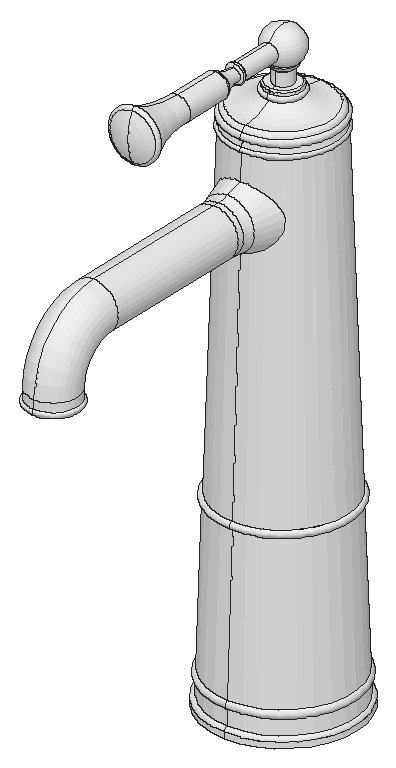
Revit family "Faucet_Vessel-Lavatory-DXV-Randall-D351021XX_Series", category Plumbing Fixtures, Revit 2014
Parameters (values of type "D35102150.100")
  Width = 3 1/16"  # constant formula
  Waste Connection = yes
  Warranty Documentation Link = "https://www.dxv.com/-/media/files/dxv/warranty/dxv_warranty_booklet.ashx"
  WFU = 2  # constant formula
  Vent Connection = no
  URL = "http://www.dxv.com/"
  Revised Date = "28/09/2017"  # constant formula
  Product Page URL = "https://www.dxv.com/product/randall-vessel-bathroom-faucet-without-drain-by-dxv"
  Product Documentation Link = "https://dxv01.blob.core.windows.net/dxv-product-pdf-files/spec_D351021_DXV_Randall_vessel_faucets_EN.pdf"
  Price = "Prices may vary. Please consult Manufacturer Representative for most up-to-date price list."  # constant formula
  Pop-up drain handle = no
  Model = "D35102150.100"
  Material = "Metal-DXV-100-Polished Chrome"
  Manufacturer = "DXV"  # constant formula
  Length = 6"  # constant formula
  Installation Type = "Deck Mounted"  # constant formula
  Hot Water Connection Diameter = 3/8"  # constant formula
  Height = 12 5/16"  # constant formula
  HWFU = 1.5  # constant formula
  HW Connection = yes
  Flow Rate = "1.5 GPM (5.7 L/min.)"
  Finish = Metal-DXV-100-Polished Chrome
  Description = "Randall Vessel Faucets,Without Drain"
  Default Elevation = 0"
  Creation Date = "07/02/2014"  # constant formula
  Cold Water Connection Diameter = 3/8"  # constant formula
  CWFU = 1.5  # constant formula
  CW Connection = yes
  Assembly Code = "D2020300"
  ADA Compliant = yes
Types (13): name | Waste Connection | Pop-up drain handle | Model | Material | Flow Rate | Finish | Description
  (no name) | yes | no | "D35102150.100" | "Metal-DXV-100-Polished Chrome" | "1.5 GPM (5.7 L/min.)" | Metal-DXV-100-Polished Chrome | "Randall Vessel Faucets,Without Drain"
  D35102150.150 | yes | no | "D35102150.150" | "Metal-DXV-150-Platinum Nickel" | "1.5 GPM (5.7 L/min.)" | Metal-DXV-150-Platinum Nickel | "Randall Vessel Faucets Without Drain"
  D35102150.100 | yes | no | "D35102150.100" | "Metal-DXV-100-Polished Chrome" | "1.5 GPM (5.7 L/min.)" | Metal-DXV-100-Polished Chrome | "Randall Vessel Faucets,Without Drain"
  D35102150.144 | yes | no | "D35102150.144" | "Metal-DXV-144-Brushed Nickel" | "1.5 GPM (5.7 L/min.)" | Metal-DXV-144-Brushed Nickel | "Randall Vessel Faucets Without Drain"
  D3510215C.100 | no | no | "D3510215C.100" | "Metal-DXV-100-Polished Chrome" | "1.2 GPM (4.5 L/min.)" | Metal-DXV-100-Polished Chrome | "Randall Vessel Faucets Without Drain"
  D3510215C.144 | no | no | "D3510215C.144" | "Metal-DXV-144-Brushed Nickel" | "1.2 GPM (4.5 L/min.)" | Metal-DXV-144-Brushed Nickel | "Randall Vessel Faucets Without Drain"
  D3510215C.150 | no | no | "D3510216C.150" | "Metal-DXV-150-Platinum Nickel" | "1.2 GPM (4.5 L/min.)" | Metal-DXV-150-Platinum Nickel | "Randall Vessel Faucets Without Drain"
  D35102151.100 | no | yes | "D35102151.100" | "Metal-DXV-100-Polished Chrome" | "1.5 GPM (5.7 L/min.)" | Metal-DXV-100-Polished Chrome | "Randall Vessel Faucets With Drain"
  D35102151.144 | no | yes | "D35102151.144" | "Metal-DXV-144-Brushed Nickel" | "1.5 GPM (5.7 L/min.)" | Metal-DXV-144-Brushed Nickel | "Randall Vessel Faucets With Drain"
  D35102151.150 | no | yes | "D35102151.150" | "Metal-DXV-150-Platinum Nickel" | "1.5 GPM (5.7 L/min.)" | Metal-DXV-150-Platinum Nickel | "Randall Vessel Faucets With Drain"
  D3510216C.100 | no | yes | "D3510216C.100" | "Metal-DXV-100-Polished Chrome" | "1.2 GPM (4.5 L/min.)" | Metal-DXV-100-Polished Chrome | "Randall Vessel Faucets With Drain"
  D3510216C.144 | no | yes | "D3510216C.144" | "Metal-DXV-144-Brushed Nickel" | "1.2 GPM (4.5 L/min.)" | Metal-DXV-144-Brushed Nickel | "Randall Vessel Faucets With Drain"
  D3510216C.150 | no | yes | "D3510216C.150" | "Metal-DXV-150-Platinum Nickel" | "1.2 GPM (4.5 L/min.)" | Metal-DXV-150-Platinum Nickel | "Randall Vessel Faucets With Drain"
Reference planes (in)
  plane 1 "Center (Front/Back)": y = 0
  plane 2: z = 0
  plane 3 "Center (Left/Right)": x = 0
  plane 4: y = -6
  plane 5: z = 4.25
  plane 6: z = 8.125
  plane 7: z = 12.3125
  plane 8: y = -4.125
  plane 9: y = -1.53125
  plane 10: y = 1.53125
  plane 11: x = -1.53125
  plane 12: x = 1.53125
Forms (in)
  Revolve 1, solid, material "Metal-DXV-100-Polished Chrome" <- "Finish"
    sketch origin (0, 0, 0) x (0, 1, 0) y (0, 0, 1)
      loop
        line (0, 0) -> (1.5262, 0) -> (1.5262, 0.11633)
        arc (1.5262, 0.11633) -> (1.50364, 0.17134) -> (1.44894, 0.19467) r 0.07835
        line (1.44894, 0.19467) -> (1.43807, 0.50598)
        arc (1.43807, 0.50598) -> (1.49553, 0.5903) -> (1.43437, 0.67198) r 0.08775
        line (1.43437, 0.67198) -> (1.32416, 3.82809)
        arc (1.32416, 3.82809) -> (1.39566, 3.90064) -> (1.31927, 3.96803) r 0.07012
        line (1.31927, 3.96803) -> (1.08181, 10.76813)
        arc (1.08181, 10.76813) -> (1.12561, 10.81507) -> (1.08277, 10.8629) r 0.04758
        line (1.08277, 10.8629) -> (1.06149, 10.98358)
        arc (1.06149, 10.98358) -> (1.11969, 11.05733) -> (1.05898, 11.12903) r 0.07422
        arc (1.05898, 11.12903) -> (1.03347, 11.19064) -> (0.97186, 11.21615) r 0.08712
        arc (0.97186, 11.21615) -> (0.64768, 11.27282) -> (0.36195, 11.43611) r 0.95558
        arc (0.36195, 11.43611) -> (0.41583, 11.49) -> (0.36195, 11.54388) r 0.05389
        line (0.36195, 11.54388) -> (0.36195, 11.60131)
        arc (0.36195, 11.60131) -> (0.35377, 11.62106) -> (0.33401, 11.62924) r 0.02793
        line (0.33401, 11.62924) -> (0.19982, 11.62924) -> (0.19982, 11.90452)
        arc (0.19982, 11.90452) -> (0.20738, 11.92779) -> (0.22717, 11.9422) r 0.03963
        arc (0.22717, 11.9422) -> (0.26898, 11.97115) -> (0.28804, 12.0183) r 0.08878
        arc (0.28804, 12.0183) -> (0.29344, 12.03877) -> (0.30517, 12.05639) r 0.06461
        arc (0.30517, 12.05639) -> (0.36872, 12.47602) -> (0, 12.6862) r 0.375
        line (0, 12.6862) -> (0, 0)
      axis (0, 12.6862) -> (0, 0)
    angle from 0 to 360
  Revolve 2, solid, material "Metal-DXV-100-Polished Chrome" <- "Finish", visible <- "Pop-up drain handle"
    sketch origin (0, 0, 0) x (0, 1, 0) y (0, 0, 1)
      loop
        line (1.18637, 5.88851) -> (1.18637, 5.63851) -> (1.67049, 6.6311) -> (1.61294, 6.66281) -> (1.18637, 5.88851)
      axis (1.61294, 6.66281) -> (1.08071, 5.69672)
    angle from 0 to 360
  Extrusion 3, solid, material "Metal-DXV-100-Polished Chrome" <- "Finish"
    sketch origin (0, 0, 0) x (1, 0, 0) y (0, 1, 0)
      loop
        circle (0.37569, 0) r 0.1875
      loop
        circle (-0.37569, 0) r 0.1875
    from -0.03414 to 0.17459
  Extrusion 4, solid, material "Metal-DXV-100-Polished Chrome" <- "Finish", visible <- "Pop-up drain handle"
    sketch origin (0, 0.03451, 0.06489) x (0, 1, 0) y (0, 0, 1)
      loop
        arc (1.43382, 6.56537) -> (1.43279, 6.54184) -> (1.4487, 6.52448) r 0.03077
        line (1.4487, 6.52448) -> (1.61493, 6.44697)
        arc (1.61493, 6.44697) -> (1.63758, 6.44598) -> (1.65429, 6.46129) r 0.02962
        line (1.65429, 6.46129) -> (1.69061, 6.53917)
        arc (1.69061, 6.53917) -> (1.66681, 6.59264) -> (1.65811, 6.65052) r 0.21793
        arc (1.65811, 6.65052) -> (1.68365, 6.7373) -> (1.75384, 6.79438) r 0.15262
        arc (1.75384, 6.79438) -> (1.79143, 6.80563) -> (1.83043, 6.80988) r 0.21566
        arc (1.83043, 6.80988) -> (1.69421, 6.7328) -> (1.68465, 6.57658) r 0.16401
        arc (1.68465, 6.57658) -> (1.75741, 6.48987) -> (1.86378, 6.45115) r 0.21868
        arc (1.86378, 6.45115) -> (2.0234, 6.50148) -> (2.10069, 6.64994) r 0.21868
        arc (2.10069, 6.64994) -> (2.06253, 6.82207) -> (1.93254, 6.94118) r 0.29316
        arc (1.93254, 6.94118) -> (1.70837, 6.95097) -> (1.54294, 6.79938) r 0.29316
        line (1.54294, 6.79938) -> (1.43382, 6.56537)
    from -0.13389 to 0.12815
  Revolve 5, solid, material "Metal-DXV-100-Polished Chrome" <- "Finish"
    sketch origin (0, 0.13316, -0.00116) x (0, 1, 0) y (0, 0, 1)
      loop
        arc (-4.18694, 12.3125) -> (-4.15586, 12.064) -> (-4.06453, 11.83081) r 1.00896
        arc (-4.06453, 11.83081) -> (-4.01871, 11.78282) -> (-3.95613, 11.80485) r 0.06114
        arc (-3.95613, 11.80485) -> (-3.43874, 11.98686) -> (-2.89376, 12.04858) r 2.43721
        line (-2.89376, 12.04858) -> (-1.89147, 12.04858)
        arc (-1.89147, 12.04858) -> (-1.87302, 12.05143) -> (-1.8563, 12.05973) r 0.06107
        arc (-1.8563, 12.05973) -> (-1.65492, 12.15574) -> (-1.43311, 12.17963) r 0.66384
        arc (-1.43311, 12.17963) -> (-1.41826, 12.14605) -> (-1.3981, 12.11536) r 0.22275
        arc (-1.3981, 12.11536) -> (-1.38352, 12.10851) -> (-1.36935, 12.11619) r 0.01786
        arc (-1.36935, 12.11619) -> (-1.35553, 12.12839) -> (-1.33761, 12.13279) r 0.03863
        line (-1.33761, 12.13279) -> (-0.23311, 12.13279) -> (-0.23311, 12.3125) -> (-4.18694, 12.3125)
      axis (-0.23311, 12.3125) -> (-4.18694, 12.3125)
    angle from 0 to 360
  Sweep 6, solid, material "Metal-DXV-100-Polished Chrome" <- "Finish"
    path origin (0, 0.00117, 0.11397) x (0, 1, 0) y (0, 0, 1)
      loop
        line (-6, 8.125) -> (-6, 8.40499)
        arc (-6, 8.40499) -> (-5.68828, 9.15756) -> (-4.93571, 9.46928) r 1.06429
        line (-4.93571, 9.46928) -> (-1.80406, 9.46928)
    profile origin (0, -3.36871, 9.58325) x (0, 0, 1) y (1, 0, 0)
      loop
        circle (0, 0) r 0.5
  Revolve 7, solid, material "Metal-DXV-100-Polished Chrome" <- "Finish"
    sketch origin (0, 0.00117, 3.98897) x (0, 1, 0) y (0, 0, 1)
      loop
        line (-1.80406, 6.09428) -> (-1.80406, 5.59428) -> (0, 5.59428) -> (0, 5.77879)
        arc (0, 5.77879) -> (-0.24571, 6.26103) -> (-0.78028, 6.3457) r 0.59608
        line (-0.78028, 6.3457) -> (-1.43789, 6.13203)
        arc (-1.43789, 6.13203) -> (-1.55557, 6.10378) -> (-1.67622, 6.09428) r 0.77125
        line (-1.67622, 6.09428) -> (-1.80406, 6.09428)
      axis (0, 5.59428) -> (-1.80406, 5.59428)
    angle from 0 to 360
  Revolve 8, solid, material "Metal-DXV-100-Polished Chrome" <- "Finish"
    sketch origin (0, 0.00117, 3.98897) x (0, 1, 0) y (0, 0, 1)
      loop
        line (-6, 4.25) -> (-5.50352, 4.25)
        arc (-5.50352, 4.25) -> (-5.45477, 4.29875) -> (-5.50352, 4.3475) r 0.04875
        line (-5.50352, 4.3475) -> (-6, 4.3475) -> (-6, 4.25)
      axis (-6, 4.3475) -> (-6, 4.25)
    angle from 0 to 360
Cuts and joins
  joined: Revolve 2, Extrusion 4
  joined: Revolve 1, Revolve 5, Sweep 6, Revolve 7, Revolve 8
Lines and regions (in)
  Masking region 1
    outline origin (0, 0, 0) x (1, 0, 0) y (0, 1, 0)
      loop
        line (0.5, -5.78312) -> (0.5, -3.9249)
        arc (0.5, -3.9249) -> (0.51959, -3.90665) -> (0.53107, -3.88246) r 0.07138
        arc (0.53107, -3.88246) -> (0.52998, -3.86112) -> (0.52229, -3.84117) r 0.06784
        arc (0.52229, -3.84117) -> (0.51146, -3.82323) -> (0.5, -3.80569) r 0.59483
        line (0.5, -3.80569) -> (0.5, -1.80406) -> (0.5, -1.6676)
        arc (0.5, -1.6676) -> (0.51, -1.54862) -> (0.53972, -1.43298) r 0.71273
        arc (0.53972, -1.43298) -> (1.50432, 0.2859) -> (-0.02361, 1.53107) r 1.53125
        arc (-0.02361, 1.53107) -> (-1.50855, 0.26268) -> (-0.53972, -1.43298) r 1.53125
        arc (-0.53972, -1.43298) -> (-0.51, -1.54862) -> (-0.5, -1.6676) r 0.71273
        line (-0.5, -1.6676) -> (-0.5, -1.80406) -> (-0.5, -3.80569)
        arc (-0.5, -3.80569) -> (-0.51146, -3.82323) -> (-0.52229, -3.84117) r 0.59483
        arc (-0.52229, -3.84117) -> (-0.52998, -3.86112) -> (-0.53107, -3.88246) r 0.06784
        arc (-0.53107, -3.88246) -> (-0.51959, -3.90665) -> (-0.5, -3.9249) r 0.07138
        line (-0.5, -3.9249) -> (-0.5, -5.78312)
        arc (-0.5, -5.78312) -> (0, -6.54353) -> (0.5, -5.78312) r 0.54459
  Masking region 2, visible <- "Pop-up drain handle"
    outline origin (0, 0, 0) x (1, 0, 0) y (0, 1, 0)
      loop
        line (-0.13389, 2.13631) -> (-0.13389, 1.52539) -> (-0.13389, 1.4658) -> (-0.08056, 1.4658) -> (-0.10422, 1.24074)
        arc (-0.10422, 1.24074) -> (0.00165, 1.25057) -> (0.10751, 1.24074) r 0.57502
        line (0.10751, 1.24074) -> (0.0839, 1.46544) -> (0.12815, 1.46544) -> (0.12815, 1.52588) -> (0.12815, 2.13631) -> (-0.13389, 2.13631)
  symbolic lines, style "PlumbingFixtures", detail levels fine
    curve 1: arc (0.17913, -0.96624, 0) -> (0.66869, -0.72011, 0) -> (0.95035, -0.25009, 0) r 0.98271
    curve 2: arc (0.5, -6, 0) -> (0, -6.5, 0) -> (-0.5, -6, 0) r 0.5
  symbolic lines, style "PlumbingFixtures", detail levels medium+fine
    curve 3: line (-0.17972, -0.36811, 0) -> (-0.17972, -1.2064, 0)
    curve 4: line (0.17913, -0.36844, 0) -> (0.17913, -0.96624, 0)
    curve 5: line (-0.2661, -1.77952, 0) -> (-0.2661, -2.81593, 0)
    curve 6: line (0.26621, -1.79083, 0) -> (0.26621, -2.81662, 0)
    curve 7: arc (-0.17972, -0.36811, 0) -> (0.00041, 0.41616, 0) -> (0.17913, -0.36844, 0) r 0.41274
    curve 8: line (0.17913, -0.96624, 0) -> (0.17913, -1.19984, 0)
  symbolic lines, detail levels fine
    curve 9: arc (0.95035, -0.25009, 0) -> (0.01631, 0.98257, 0) -> (-0.95813, -0.2184, 0) r 0.98271
    curve 10: arc (-0.95813, -0.2184, 0) -> (-0.68077, -0.7087, 0) -> (-0.17972, -0.96613, 0) r 0.98271
    curve 11: line (-0.5, -6, 0) -> (-0.5, -5.78312, 0)
    curve 12: line (0.5, -6, 0) -> (0.5, -5.78312, 0)
    curve 13: line (-0.50663, -3.82255, 0) -> (0.50733, -3.82255, 0)
    curve 15: line (-0.5, -3.9249, 0) -> (0.5, -3.9249, 0)
    curve 28: line (-0.13287, -1.29994, 0) -> (0.13287, -1.29994, 0)
  symbolic lines, detail levels medium+fine
    curve 14: arc (-0.5, -3.9249, 0) -> (0, -4.05452, 0) -> (0.5, -3.9249, 0) r 1.02915
    curve 16: arc (-0.2661, -2.81593, 0) -> (-0.33262, -3.33208, 0) -> (-0.50663, -3.82255, 0) r 2.45082
    curve 17: arc (0.26621, -2.81662, 0) -> (0.33247, -3.3326, 0) -> (0.50733, -3.82255, 0) r 2.42325
    curve 18: arc (-0.17972, -1.2064, 0) -> (-0.18564, -1.22437, 0) -> (-0.19774, -1.2389, 0) r 0.05058
    curve 19: arc (-0.13287, -1.29994, 0) -> (-0.16695, -1.28489, 0) -> (-0.19775, -1.26392, 0) r 0.20518
    curve 20: arc (-0.19774, -1.2389, 0) -> (-0.20365, -1.25141, 0) -> (-0.19775, -1.26392, 0) r 0.0162
    curve 21: arc (0.17929, -1.19984, 0) -> (0.18414, -1.22144, 0) -> (0.19774, -1.2389, 0) r 0.05058
    curve 22: arc (0.13287, -1.29994, 0) -> (0.16695, -1.28489, 0) -> (0.19775, -1.26392, 0) r 0.20518
    curve 23: arc (0.19774, -1.2389, 0) -> (0.20365, -1.25141, 0) -> (0.19775, -1.26392, 0) r 0.0162
    curve 24: arc (-0.13287, -1.29994, 0) -> (-0.15353, -1.51134, 0) -> (-0.24272, -1.7041, 0) r 0.63536
    curve 25: arc (0.13287, -1.29994, 0) -> (0.1516, -1.50301, 0) -> (0.23533, -1.68896, 0) r 0.61871
    curve 26: arc (-0.24272, -1.7041, 0) -> (-0.26012, -1.74004, 0) -> (-0.2661, -1.77952, 0) r 0.13332
    curve 27: arc (0.23533, -1.68896, 0) -> (0.25832, -1.73761, 0) -> (0.26621, -1.79083, 0) r 0.18349
    curve 29: line (-0.72804, -0.86059, 0) -> (-0.53748, -1.44705, 0)
    curve 30: line (-0.5, -1.80406, 0) -> (-0.5, -1.6837, 0)
    curve 31: arc (-0.53748, -1.44705, 0) -> (-0.50943, -1.5639, 0) -> (-0.5, -1.6837, 0) r 0.76582
    curve 32: line (0.72804, -0.86059, 0) -> (0.53748, -1.44705, 0)
    curve 33: line (0.5, -1.80406, 0) -> (0.5, -1.6837, 0)
    curve 34: arc (0.53748, -1.44705, 0) -> (0.50943, -1.5639, 0) -> (0.5, -1.6837, 0) r 0.76582
    curve 35: arc (-0.72804, -0.86059, 0) -> (0, 1.12416, 0) -> (0.72804, -0.86059, 0) r 1.1259
Dimensions and locks (in)
  plane 6 to plane 2 = 8 1/8"
  "Height": plane 7 to plane 2
  "Length": plane 1 "Center (Front/Back)" to plane 4
  plane 1 "Center (Front/Back)" to plane 8 = 4 1/8"
  "Width": plane 10 to plane 9
Automatic sketch dimensions
  Revolve 1 sketch curve to level = 0"
  Revolve 1 sketch curve to plane 1 "Center (Front/Back)" = 0"  (x2)
  Revolve 1 sketch curve to plane 7 = 0"
  Revolve 1 sketch curve to plane 1 "Center (Front/Back)" = 1/32"
  Revolve 1 sketch curve to plane 1 "Center (Front/Back)" = 0.19965"
  Revolve 1 sketch curve to plane 1 "Center (Front/Back)" = 0.19982"
  Revolve 1 sketch curve to Revolve 1 sketch curve = 0.03963"
  Revolve 1 sketch curve to Revolve 1 sketch curve = 0.1342"
  Revolve 1 sketch curve to Revolve 1 sketch curve = 0.15272"
  Revolve 1 sketch curve to Revolve 1 sketch curve = 0.02793"
  Revolve 1 sketch curve to plane 7 = 0.14076"
  Revolve 1 sketch curve to plane 10 = 0.55939"
  Revolve 1 sketch curve to Revolve 1 sketch curve = 0.07362"
  Revolve 1 sketch curve to Revolve 1 sketch curve = 0.01601"
  Revolve 1 sketch curve to Revolve 1 sketch curve = 0.01655"
  Revolve 1 sketch curve to Revolve 1 sketch curve = 0.00377"
  Revolve 1 sketch curve to Revolve 1 sketch curve = 0.00473"
  Revolve 1 sketch curve to plane 10 = 0.21198"
  Revolve 1 sketch curve to Revolve 1 sketch curve = 0.00489"
  Revolve 1 sketch curve to Revolve 1 sketch curve = 0.00631"
  Revolve 1 sketch curve to plane 10 = 0.12345"
  Revolve 1 sketch curve to Revolve 1 sketch curve = 0.02657"
  Revolve 1 sketch curve to Revolve 1 sketch curve = 0.03027"
  Revolve 1 sketch curve to plane 10 = 0.0834"
  Revolve 1 sketch curve to Revolve 1 sketch curve = 0.00109"
  Revolve 1 sketch curve to plane 10 = 0.00505"
  Revolve 1 sketch curve to Revolve 1 sketch curve = 0.11633"
  Revolve 1 sketch curve to Revolve 1 sketch curve = 0.31131"
  Revolve 1 sketch curve to Revolve 1 sketch curve = 0.08237"
  Revolve 1 sketch curve to plane 5 = 0.42191"
  Revolve 1 sketch curve to Revolve 1 sketch curve = 0.0701"
  Revolve 1 sketch curve to Revolve 1 sketch curve = 1.4036"
  Revolve 1 sketch curve to Revolve 1 sketch curve = 0.04743"
  Revolve 1 sketch curve to Revolve 1 sketch curve = 0.12069"
  Revolve 1 sketch curve to Revolve 1 sketch curve = 0.07247"
  Revolve 1 sketch curve to Revolve 1 sketch curve = 0.07298"
  Revolve 1 sketch curve to Revolve 1 sketch curve = 0.27384"
  Revolve 1 sketch curve to Revolve 1 sketch curve = 0.05389"
  Revolve 1 sketch curve to Revolve 1 sketch curve = 0.05743"
  Revolve 1 sketch curve to Revolve 1 sketch curve = 0.27527"
  Revolve 1 sketch curve to Revolve 1 sketch curve = 0.10775"
  Revolve 1 sketch curve to Revolve 1 sketch curve = 0.12209"
  plane 7 to Revolve 1 sketch curve = 0.3737"
  Revolve 1 sketch curve to Revolve 1 sketch curve = 0"  (x2)
  plane 5 to Revolve 1 sketch curve = 0.11294"
  Revolve 1 sketch curve to plane 6 = 1.76206"
  Masking region 1 sketch curve to Masking region 1 sketch curve = 0"  (x4)
  Masking region 1 sketch curve to plane 3 "Center (Left/Right)" = 0"  (x2)
  plane 1 "Center (Front/Back)" to Masking region 1 sketch curve = 0"
  Masking region 1 sketch curve to plane 3 "Center (Left/Right)" = 1/128"
  Masking region 1 sketch curve to plane 3 "Center (Left/Right)" = 0.46199"
  Masking region 1 sketch curve to Masking region 1 sketch curve = 0.00163"  (x2)
  Masking region 1 sketch curve to Masking region 1 sketch curve = 0.03638"  (x2)
  plane 9 to Masking region 1 sketch curve = 0.13635"  (x2)
  Masking region 1 sketch curve to plane 11 = 0.31852"
  plane 3 "Center (Left/Right)" to Masking region 1 sketch curve = 1/128"
  Masking region 1 sketch curve to plane 8 = 0.26052"  (x2)
  plane 3 "Center (Left/Right)" to Masking region 1 sketch curve = 0.46199"
  plane 3 "Center (Left/Right)" to Masking region 1 sketch curve = 1/2"
  Masking region 1 sketch curve to plane 12 = 0.31852"
  Masking region 1 sketch curve to Masking region 1 sketch curve = 0.01074"  (x2)
  Masking region 1 sketch curve to Masking region 1 sketch curve = 0.04968"  (x2)
  plane 8 to Masking region 1 sketch curve = 0.01473"  (x2)
  Masking region 1 sketch curve to plane 4 = 0.21688"
  Masking region 1 sketch curve to plane 4 = 0.00106"
  Masking region 1 sketch curve to Masking region 1 sketch curve = 0.05879"  (x2)
  Masking region 1 sketch curve to Masking region 1 sketch curve = 0.13647"  (x2)
  Revolve 2 sketch curve to plane 10 = 0.34488"
  plane 10 to Revolve 2 sketch curve = 0.08169"
  Revolve 2 sketch curve to Revolve 2 sketch curve = 0.05755"
  plane 5 to Revolve 2 sketch curve = 1.38851"
  Revolve 2 sketch curve to Revolve 2 sketch curve = 1/4"
  Revolve 2 sketch curve to Revolve 2 sketch curve = 0.74259"
  Revolve 2 sketch curve to plane 10 = 0.12677"
  plane 10 to Revolve 2 sketch curve = 0.036"
  Revolve 2 sketch curve to Revolve 2 sketch curve = 0.37839"
  Revolve 2 sketch curve to Revolve 2 sketch curve = 0.08294"
  plane 1 "Center (Front/Back)" to Extrusion 3 sketch curve = 0"  (x2)
  Extrusion 3 sketch curve to plane 3 "Center (Left/Right)" = 0.37569"
  plane 3 "Center (Left/Right)" to Extrusion 3 sketch curve = 0.37569"
  Extrusion 4 sketch curve to Extrusion 4 sketch curve = 0"  (x7)
  Extrusion 4 sketch curve to plane 10 = 0.06292"
  Extrusion 4 sketch curve to Extrusion 4 sketch curve = 0.01488"
  Extrusion 4 sketch curve to Extrusion 4 sketch curve = 0.013"
  plane 10 to Extrusion 4 sketch curve = 0.0462"
  plane 10 to Extrusion 4 sketch curve = 0.11819"
  Extrusion 4 sketch curve to Extrusion 4 sketch curve = 0.01252"
  Extrusion 4 sketch curve to Extrusion 4 sketch curve = 0.02684"
  Extrusion 4 sketch curve to Extrusion 4 sketch curve = 0.03632"
  Extrusion 4 sketch curve to Extrusion 4 sketch curve = 0.11803"
  Extrusion 4 sketch curve to Extrusion 4 sketch curve = 0.00207"
  Extrusion 4 sketch curve to Extrusion 4 sketch curve = 0.02259"
  Extrusion 4 sketch curve to Extrusion 4 sketch curve = 0.0009"
  Extrusion 4 sketch curve to Extrusion 4 sketch curve = 0.04272"
  Extrusion 4 sketch curve to Extrusion 4 sketch curve = 0.00683"
  Extrusion 4 sketch curve to plane 6 = 1.61314"
  Extrusion 4 sketch curve to Extrusion 4 sketch curve = 0.01433"
  Extrusion 4 sketch curve to Extrusion 4 sketch curve = 0.07751"
  Extrusion 4 sketch curve to Extrusion 4 sketch curve = 0.07788"
  Extrusion 4 sketch curve to Extrusion 4 sketch curve = 0.02788"
  Extrusion 4 sketch curve to Extrusion 4 sketch curve = 0.05508"
  Extrusion 4 sketch curve to Extrusion 4 sketch curve = 0.05164"
  Extrusion 4 sketch curve to Extrusion 4 sketch curve = 0.00686"
  Extrusion 4 sketch curve to Extrusion 4 sketch curve = 1/128"
  Extrusion 4 sketch curve to Extrusion 4 sketch curve = 0.01529"
  Extrusion 4 sketch curve to Extrusion 4 sketch curve = 0.02274"
  Extrusion 4 sketch curve to Extrusion 4 sketch curve = 0.14887"
  Extrusion 4 sketch curve to Extrusion 4 sketch curve = 0.00596"
  Extrusion 4 sketch curve to Extrusion 4 sketch curve = 0.02959"
  Extrusion 4 sketch curve to Extrusion 4 sketch curve = 0.1021"
  Revolve 5 sketch curve to plane 7 = 0.00116"  (x2)
  Revolve 5 sketch curve to plane 8 = 0.07122"
  Revolve 5 sketch curve to plane 8 = 0.25369"
  Revolve 5 sketch curve to Revolve 5 sketch curve = 0.82649"
  plane 9 to Revolve 5 sketch curve = 1.22934"
  plane 9 to Revolve 5 sketch curve = 0.22706"
  Revolve 5 sketch curve to plane 9 = 0.19046"
  Revolve 5 sketch curve to plane 9 = 0.28039"
  Revolve 5 sketch curve to Revolve 5 sketch curve = 0.04641"
  Revolve 5 sketch curve to Revolve 5 sketch curve = 0.11496"
  plane 1 "Center (Front/Back)" to Revolve 5 sketch curve = 0.09995"
  Revolve 5 sketch curve to plane 7 = 0.06104"
  Revolve 5 sketch curve to Revolve 5 sketch curve = 0.11982"
  Revolve 5 sketch curve to Revolve 5 sketch curve = 0.00643"
  Revolve 5 sketch curve to plane 7 = 0.204"
  Revolve 5 sketch curve to Revolve 5 sketch curve = 0.03863"
  Revolve 5 sketch curve to Revolve 5 sketch curve = 0.06107"
  Revolve 5 sketch curve to plane 7 = 0.47138"
  Revolve 5 sketch curve to Revolve 5 sketch curve = 0.57712"
  plane 6 to Revolve 5 sketch curve = 1.48521"
  Revolve 5 sketch curve to Revolve 5 sketch curve = 0.06006"
  Revolve 5 sketch curve to Revolve 5 sketch curve = 0.23933"
  Revolve 5 sketch curve to Revolve 5 sketch curve = 0"  (x2)
  Revolve 5 sketch curve to Revolve 5 sketch curve = 0.04908"
  Revolve 5 sketch curve to Revolve 5 sketch curve = 0.00265"
  Sweep 6 sketch curve to plane 4 = 0.00117"
  plane 6 to Sweep 6 sketch curve = 0.39395"
  plane 8 to Sweep 6 sketch curve = 0.80954"
  plane 9 to Sweep 6 sketch curve = 0.27164"
  plane 6 to Sweep 6 sketch curve = 0.11397"
  Sweep 6 sketch curve to profile plane = 0"  (x2)
  plane 9 to Revolve 7 sketch curve = 0.27164"
  plane 9 to Revolve 7 sketch curve = 0.1438"
  Revolve 7 sketch curve to plane 9 = 0.09453"
  Revolve 7 sketch curve to Revolve 7 sketch curve = 0.65761"
  plane 1 "Center (Front/Back)" to Revolve 7 sketch curve = 0.59491"
  Revolve 7 sketch curve to plane 1 "Center (Front/Back)" = 0.00117"
  plane 6 to Revolve 7 sketch curve = 1.45825"
  Revolve 7 sketch curve to Revolve 7 sketch curve = 0.18451"
  Revolve 7 sketch curve to Revolve 7 sketch curve = 1/2"
  Revolve 7 sketch curve to Revolve 7 sketch curve = 0.03775"
  plane 9 to Revolve 7 sketch curve = 0.04556"
  Revolve 7 sketch curve to plane 9 = 0.22836"
  Revolve 7 sketch curve to Revolve 7 sketch curve = 0"
  Revolve 8 sketch curve to plane 4 = 0.00117"  (x2)
  plane 6 to Revolve 8 sketch curve = 0.16272"
  Revolve 8 sketch curve to plane 4 = 0.49765"
  plane 6 to Revolve 8 sketch curve = 0.11397"
  Revolve 8 sketch curve to Revolve 8 sketch curve = 0.25744"
  Revolve 8 sketch curve to Revolve 8 sketch curve = 0.03477"
  Masking region 1 sketch curve to plane 9 = 0.09827"
  Masking region 1 sketch curve to plane 10 = 0.00018"
  Masking region 1 sketch curve to plane 3 "Center (Left/Right)" = 0.02361"
  curve 1 to curve 9 = 0"
  curve 1 to curve 10 = 0"  (x2)
  curve 9 to curve 10 = 0"
  plane 4 to curve 11 = 0"
  plane 1 "Center (Front/Back)" to curve 10 = 0"
  curve 10 to plane 3 "Center (Left/Right)" = 0"
  curve 35 to plane 3 "Center (Left/Right)" = 0"
  curve 14 to plane 3 "Center (Left/Right)" = 0"
  curve 2 to plane 3 "Center (Left/Right)" = 0"
  curve 19 to plane 3 "Center (Left/Right)" = 0.06735"
  curve 26 to plane 3 "Center (Left/Right)" = 0.13278"
  curve 28 to plane 3 "Center (Left/Right)" = 0.13287"
  curve 3 to plane 3 "Center (Left/Right)" = 0.17972"
  curve 20 to curve 3 = 0.00773"
  curve 18 to curve 18 = 0.05015"
  curve 5 to plane 3 "Center (Left/Right)" = 0.2661"
  curve 30 to curve 5 = 0.2339"
  curve 11 to curve 2 = 1/2"
  curve 15 to plane 8 = 0.2001"
  curve 15 to plane 3 "Center (Left/Right)" = 1/2"
  curve 13 to curve 14 = 0.00663"
  curve 29 to plane 9 = 0.0842"
  curve 29 to curve 31 = 0.03748"
  curve 29 to curve 10 = 0.54832"
  curve 24 to curve 29 = 0.22918"
  plane 9 to curve 31 = 0.15245"
  plane 11 to curve 16 = 1.18508"
  plane 3 "Center (Left/Right)" to curve 7 = 0.00004"
  plane 3 "Center (Left/Right)" to curve 22 = 0.06735"
  plane 3 "Center (Left/Right)" to curve 27 = 0.08272"
  plane 3 "Center (Left/Right)" to curve 28 = 0.13287"
  plane 3 "Center (Left/Right)" to curve 4 = 0.17913"
  curve 8 to curve 23 = 0.00832"
  curve 8 to curve 21 = 0.05075"
  curve 27 to curve 6 = 0.18349"
  curve 6 to curve 33 = 0.23379"
  curve 15 to curve 13 = 0.00733"
  curve 32 to plane 9 = 0.0842"
  curve 34 to curve 32 = 0.03748"
  curve 4 to curve 32 = 0.54891"
  curve 34 to curve 25 = 0.21242"
  plane 9 to curve 34 = 0.15245"
  plane 12 to curve 17 = 1.15772"
  curve 14 to curve 13 = 0.10235"
  curve 16 to curve 14 = 0.79717"
  curve 14 to curve 6 = 0.20875"
  curve 14 to curve 5 = 0.20944"
  curve 6 to curve 33 = 0.10714"
  plane 9 to curve 5 = 0.24827"
  curve 25 to plane 9 = 0.18582"
  curve 24 to plane 9 = 0.18655"
  curve 28 to plane 9 = 0.23131"
  curve 24 to curve 20 = 0.04853"
  curve 22 to curve 23 = 0.04853"
  curve 20 to curve 3 = 0.04501"
  curve 18 to curve 18 = 0.00656"
  curve 23 to curve 21 = 0.05158"
  curve 21 to curve 22 = 0.09433"
  curve 19 to curve 22 = 0"
  curve 22 to curve 8 = 0.13926"
  curve 24 to curve 29 = 0.48411"
  plane 1 "Center (Front/Back)" to curve 4 = 0.36844"
  curve 4 to curve 3 = 0.00032"
  curve 35 to curve 10 = 0.00174"
  curve 20 to curve 18 = 0"
  plane 1 "Center (Front/Back)" to curve 9 = 0.2184"
  curve 8 to curve 21 = 0.00017"
  curve 23 to curve 21 = 0"
  plane 1 "Center (Front/Back)" to curve 1 = 0.25009"
  curve 12 to curve 12 = 0.21688"
  curve 11 to curve 11 = 0.21688"
  curve 33 to curve 33 = 0.12037"
  curve 30 to curve 30 = 0.12037"
  curve 8 to curve 21 = 0"
  Masking region 2 sketch curve to plane 3 "Center (Left/Right)" = 0.13389"
  Masking region 2 sketch curve to Masking region 2 sketch curve = 0.05333"
  plane 3 "Center (Left/Right)" to Masking region 2 sketch curve = 0.00165"
  plane 3 "Center (Left/Right)" to Masking region 2 sketch curve = 0.0839"
  Masking region 2 sketch curve to plane 10 = 0.00537"
  Masking region 2 sketch curve to Masking region 2 sketch curve = 0.04426"
  Masking region 2 sketch curve to plane 10 = 0.00586"
  Masking region 2 sketch curve to Masking region 2 sketch curve = 0.05959"
  Masking region 2 sketch curve to Masking region 2 sketch curve = 0.06043"
  Masking region 2 sketch curve to plane 1 "Center (Front/Back)" = 0.67555"
  plane 10 to Masking region 2 sketch curve = 0.60506"
  Masking region 2 sketch curve to plane 3 "Center (Left/Right)" = 0.10422"
  plane 3 "Center (Left/Right)" to Masking region 2 sketch curve = 0.10751"
  Masking region 2 sketch curve to Masking region 2 sketch curve = 0.2247"
  radius of Extrusion 3 sketch curve = 3/16"  (x2)
  radius of Sweep 6 sketch curve = 1/2"
Connectors (in)
  piping at (-0.37569, 0, -0.03414), diameter 0.375, driven by "HWFU", driven by "Hot Water Connection Diameter"
    settings: on Extrusion 3, index 1, connector inside diameter 24", connector length 0", flow factor 0, pipe flow 0 GPM, pressure drop 0.00 psi, fitting loss kfactor 0, connector angle 0.00°, fixture units 1.5, engagement length 0", angle of deflection 0.00°, flow configuration 3, flow direction 1, fitting loss method 0, system type 19, joint type 0, gender type 0, connector reference index -1, connector utility 0, adjustable connector no, is connector primary yes, connector description "3/8\" HW Inlet Connection"
  piping at (0.37569, 0, -0.03414), diameter 0.375, driven by "CWFU", driven by "Cold Water Connection Diameter"
    settings: on Extrusion 3, index 2, connector inside diameter 24", connector length 0", flow factor 0, pipe flow 0 GPM, pressure drop 0.00 psi, fitting loss kfactor 0, connector angle 0.00°, fixture units 1.5, engagement length 0", angle of deflection 0.00°, flow configuration 3, flow direction 1, fitting loss method 0, system type 20, joint type 0, gender type 0, connector reference index -1, connector utility 0, adjustable connector no, is connector primary no, connector description "3/8\" CW Inlet Connection"
